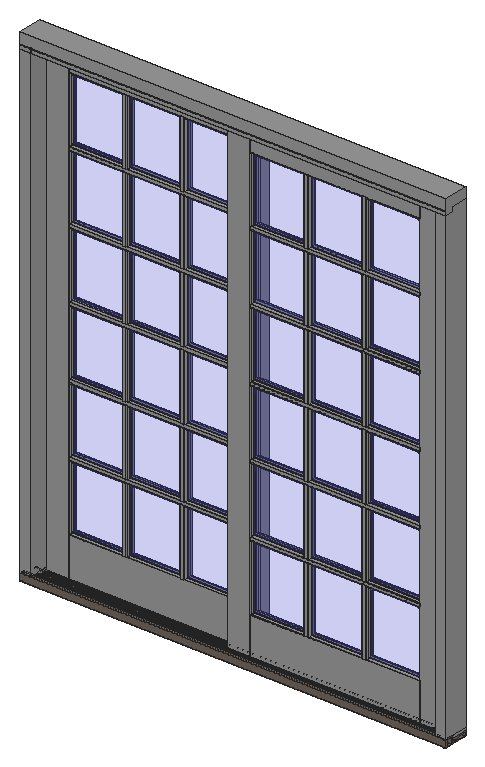
Revit family "VSDA1.8SP LH", category Doors, host Wall, Revit 2015 (continued)
Automatic sketch dimensions
  Extrusion 5 sketch curve to host wall = 32.5 mm
  Extrusion 5 sketch curve to Extrusion 5 sketch curve = 0 mm
  Extrusion 5 sketch curve to Extrusion 5 sketch curve = 7 mm
  Extrusion 5 sketch curve to Extrusion 5 sketch curve = 17 mm
  Extrusion 5 sketch curve to Extrusion 5 sketch curve = 3 mm  (x3)
  plane 5 to Extrusion 5 sketch curve = 43 mm
  Extrusion 5 sketch curve to Extrusion 5 sketch curve = 15.5 mm
  Extrusion 5 sketch curve to Extrusion 5 sketch curve = 3.5 mm
  Extrusion 6 sketch curve to plane 4 "Right" = 0 mm
  Extrusion 6 sketch curve to plane 3 "Left" = 0 mm
  Extrusion 6 sketch curve to plane 4 "Right" = 43 mm
  Extrusion 6 sketch curve to host wall = 19.5 mm  (x2)
  Extrusion 6 sketch curve to plane 4 "Right" = 45 mm
  plane 3 "Left" to Extrusion 6 sketch curve = 45 mm
  Extrusion 6 sketch curve to Extrusion 6 sketch curve = 2 mm
  host wall to Extrusion 6 sketch curve = 32.5 mm  (x2)
  Extrusion 6 sketch curve to Extrusion 6 sketch curve = 20 mm  (x2)
  host wall to Extrusion 7 sketch curve = 15.5 mm
  plane 4 "Right" to Extrusion 7 sketch curve = 45 mm
  Extrusion 7 sketch curve to Extrusion 7 sketch curve = 96 mm
  Extrusion 7 sketch curve to Extrusion 7 sketch curve = 0 mm  (x3)
  Extrusion 7 sketch curve to Extrusion 7 sketch curve = 0.473 mm  (x5)
  Extrusion 7 sketch curve to Extrusion 7 sketch curve = 6.527 mm  (x4)
  Extrusion 7 sketch curve to Extrusion 7 sketch curve = 2 mm  (x11)
  Extrusion 7 sketch curve to host wall = 4 mm  (x2)
  plane 2 "Center (Left/Right)" to Extrusion 7 sketch curve = 52.5 mm
  host wall to Extrusion 7 sketch curve = 7.5 mm
  Extrusion 7 sketch curve to Extrusion 7 sketch curve = 9 mm  (x2)
  Extrusion 7 sketch curve to plane 2 "Center (Left/Right)" = 43.5 mm
  Extrusion 7 sketch curve to host wall = 36 mm
  Extrusion 7 sketch curve to plane 3 "Left" = 150 mm
  Extrusion 7 sketch curve to plane 3 "Left" = 45 mm
  Extrusion 7 sketch curve to Extrusion 7 sketch curve = 30 mm
  Extrusion 7 sketch curve to Extrusion 7 sketch curve = 1.468 mm  (x4)
  Extrusion 7 sketch curve to host wall = 24.5 mm
  Extrusion 7 sketch curve to Extrusion 7 sketch curve = 6.5 mm
  host wall to Extrusion 7 sketch curve = 5.5 mm
  host wall to Extrusion 8 sketch curve = 15.5 mm  (x7)
  Extrusion 8 sketch curve to Extrusion 8 sketch curve = 2 mm  (x28)
  host wall to Extrusion 8 sketch curve = 7.5 mm  (x12)
  host wall to Extrusion 8 sketch curve = 6.697 mm  (x12)
  Extrusion 8 sketch curve to Extrusion 8 sketch curve = 1.197 mm  (x8)
  Extrusion 8 sketch curve to host wall = 24.5 mm  (x7)
  plane 5 to Extrusion 8 sketch curve = 45 mm
  Extrusion 8 sketch curve to Extrusion 8 sketch curve = 96 mm
  Extrusion 8 sketch curve to Extrusion 8 sketch curve = 0 mm  (x6)
  Extrusion 8 sketch curve to Extrusion 8 sketch curve = 0.241 mm  (x12)
  Extrusion 8 sketch curve to Extrusion 8 sketch curve = 266 mm  (x5)
  Extrusion 8 sketch curve to Extrusion 8 sketch curve = 6.759 mm  (x6)
  Extrusion 8 sketch curve to Extrusion 8 sketch curve = 13 mm  (x5)
  level to Extrusion 8 sketch curve = 199 mm
  level to Extrusion 8 sketch curve = 19 mm
  Extrusion 9 sketch curve to host wall = 31 mm  (x7)
  Extrusion 9 sketch curve to Extrusion 9 sketch curve = 2 mm  (x28)
  Extrusion 9 sketch curve to Extrusion 9 sketch curve = 6 mm  (x12)
  Extrusion 9 sketch curve to Extrusion 9 sketch curve = 0.803 mm  (x9)
  Extrusion 9 sketch curve to Extrusion 9 sketch curve = 6.803 mm  (x3)
  Extrusion 9 sketch curve to Extrusion 9 sketch curve = 1.197 mm  (x8)
  Extrusion 9 sketch curve to host wall = 4 mm  (x7)
  plane 5 to Extrusion 9 sketch curve = 45 mm
  Extrusion 9 sketch curve to Extrusion 9 sketch curve = 96 mm
  Extrusion 9 sketch curve to Extrusion 9 sketch curve = 0 mm  (x6)
  Extrusion 9 sketch curve to Extrusion 9 sketch curve = 0.241 mm  (x12)
  Extrusion 9 sketch curve to Extrusion 9 sketch curve = 266 mm  (x5)
  Extrusion 9 sketch curve to Extrusion 9 sketch curve = 6.759 mm  (x6)
  Extrusion 9 sketch curve to Extrusion 9 sketch curve = 13 mm  (x5)
  level to Extrusion 9 sketch curve = 199 mm
  level to Extrusion 9 sketch curve = 19 mm
  Sweep 10 sketch curve to Sweep 10 sketch curve = 233.167 mm
  Sweep 10 sketch curve to Sweep 10 sketch curve = 284 mm
  Sweep 10 sketch curve to profile plane = 0 mm
  Sweep 10 sketch curve to profile plane = 0.241 mm
  Sweep 10 sketch curve to Sweep 10 sketch curve = 6.759 mm
  Sweep 10 sketch curve to Sweep 10 sketch curve = 2 mm  (x2)
  Sweep 10 sketch curve to profile plane = 132.5 mm
  Sweep 10 sketch curve to Sweep 10 sketch curve = 6 mm
  Extrusion 11 sketch curve to plane 2 "Center (Left/Right)" = 43.5 mm  (x2)
  Extrusion 11 sketch curve to Extrusion 11 sketch curve = 0 mm  (x29)
  Extrusion 11 sketch curve to Extrusion 11 sketch curve = 233.167 mm  (x6)
  Extrusion 11 sketch curve to Extrusion 11 sketch curve = 13 mm  (x18)
  Extrusion 11 sketch curve to plane 3 "Left" = 141.01 mm  (x3)
  plane 5 to Extrusion 11 sketch curve = 141 mm
  plane 5 to Extrusion 11 sketch curve = 141.012 mm
  Extrusion 11 sketch curve to Extrusion 11 sketch curve = 284 mm  (x5)
  Extrusion 11 sketch curve to Extrusion 11 sketch curve = 13.012 mm  (x4)
  Extrusion 11 sketch curve to Extrusion 11 sketch curve = 0.012 mm
  level to Extrusion 11 sketch curve = 190 mm  (x2)
  host wall to Extrusion 12 sketch curve = 34 mm  (x2)
  plane 2 "Center (Left/Right)" to Extrusion 12 sketch curve = 267.667 mm
  Extrusion 12 sketch curve to Extrusion 12 sketch curve = 2 mm  (x9)
  Extrusion 12 sketch curve to Extrusion 12 sketch curve = 6.759 mm  (x4)
  Extrusion 12 sketch curve to Extrusion 12 sketch curve = 0.241 mm  (x6)
  host wall to Extrusion 12 sketch curve = 4 mm  (x2)
  Extrusion 12 sketch curve to Extrusion 12 sketch curve = 13 mm  (x3)
  Extrusion 12 sketch curve to Extrusion 12 sketch curve = 215.167 mm
  Extrusion 12 sketch curve to Extrusion 12 sketch curve = 0 mm  (x2)
  Extrusion 12 sketch curve to Extrusion 12 sketch curve = 1.197 mm  (x5)
  Extrusion 12 sketch curve to Extrusion 12 sketch curve = 0.803 mm
  Extrusion 13 sketch curve to host wall = 34 mm  (x2)
  Extrusion 13 sketch curve to plane 2 "Center (Left/Right)" = 267.667 mm
  Extrusion 13 sketch curve to Extrusion 13 sketch curve = 2 mm  (x10)
  Extrusion 13 sketch curve to Extrusion 13 sketch curve = 6.759 mm  (x4)
  Extrusion 13 sketch curve to Extrusion 13 sketch curve = 0.241 mm  (x6)
  Extrusion 13 sketch curve to host wall = 4 mm  (x2)
  Extrusion 13 sketch curve to Extrusion 13 sketch curve = 13 mm  (x3)
  Extrusion 13 sketch curve to Extrusion 13 sketch curve = 215.167 mm
  Extrusion 13 sketch curve to Extrusion 13 sketch curve = 0 mm  (x3)
  Extrusion 13 sketch curve to Extrusion 13 sketch curve = 1.197 mm  (x4)
  Extrusion 14 sketch curve to host wall = 34 mm  (x2)
  Extrusion 14 sketch curve to plane 2 "Center (Left/Right)" = 267.667 mm
  Extrusion 14 sketch curve to Extrusion 14 sketch curve = 2 mm  (x10)
  Extrusion 14 sketch curve to Extrusion 14 sketch curve = 6.759 mm  (x4)
  Extrusion 14 sketch curve to Extrusion 14 sketch curve = 0.241 mm  (x6)
  Extrusion 14 sketch curve to host wall = 4 mm  (x2)
  Extrusion 14 sketch curve to Extrusion 14 sketch curve = 13 mm  (x3)
  Extrusion 14 sketch curve to Extrusion 14 sketch curve = 215.167 mm
  Extrusion 14 sketch curve to Extrusion 14 sketch curve = 0 mm  (x3)
  Extrusion 14 sketch curve to Extrusion 14 sketch curve = 1.197 mm  (x4)
  Extrusion 15 sketch curve to host wall = 34 mm  (x2)
  Extrusion 15 sketch curve to plane 2 "Center (Left/Right)" = 267.667 mm
  Extrusion 15 sketch curve to Extrusion 15 sketch curve = 2 mm  (x10)
  Extrusion 15 sketch curve to Extrusion 15 sketch curve = 6.759 mm  (x4)
  Extrusion 15 sketch curve to Extrusion 15 sketch curve = 0.241 mm  (x6)
  Extrusion 15 sketch curve to host wall = 4 mm  (x2)
  Extrusion 15 sketch curve to Extrusion 15 sketch curve = 13 mm  (x3)
  Extrusion 15 sketch curve to Extrusion 15 sketch curve = 215.167 mm
  Extrusion 15 sketch curve to Extrusion 15 sketch curve = 0 mm  (x3)
  Extrusion 15 sketch curve to Extrusion 15 sketch curve = 1.197 mm  (x4)
  Extrusion 16 sketch curve to host wall = 34 mm  (x2)
  Extrusion 16 sketch curve to plane 2 "Center (Left/Right)" = 267.667 mm
  Extrusion 16 sketch curve to Extrusion 16 sketch curve = 2 mm  (x10)
  Extrusion 16 sketch curve to Extrusion 16 sketch curve = 6.759 mm  (x4)
  Extrusion 16 sketch curve to Extrusion 16 sketch curve = 0.241 mm  (x6)
  Extrusion 16 sketch curve to host wall = 4 mm  (x2)
  Extrusion 16 sketch curve to Extrusion 16 sketch curve = 13 mm  (x3)
  Extrusion 16 sketch curve to Extrusion 16 sketch curve = 215.167 mm
  Extrusion 16 sketch curve to Extrusion 16 sketch curve = 0 mm  (x3)
  Extrusion 16 sketch curve to Extrusion 16 sketch curve = 1.197 mm  (x4)
  Extrusion 17 sketch curve to host wall = 34 mm  (x2)
  Extrusion 17 sketch curve to plane 2 "Center (Left/Right)" = 267.667 mm
  Extrusion 17 sketch curve to Extrusion 17 sketch curve = 2 mm  (x10)
  Extrusion 17 sketch curve to Extrusion 17 sketch curve = 6.759 mm  (x4)
  Extrusion 17 sketch curve to Extrusion 17 sketch curve = 0.241 mm  (x6)
  Extrusion 17 sketch curve to host wall = 4 mm  (x2)
  Extrusion 17 sketch curve to Extrusion 17 sketch curve = 13 mm  (x3)
  Extrusion 17 sketch curve to Extrusion 17 sketch curve = 215.167 mm
  Extrusion 17 sketch curve to Extrusion 17 sketch curve = 0 mm  (x3)
  Extrusion 17 sketch curve to Extrusion 17 sketch curve = 1.197 mm  (x4)
  Sweep 18 sketch curve to plane 2 "Center (Left/Right)" = 289.667 mm
  Sweep 18 sketch curve to Sweep 18 sketch curve = 233.167 mm
  plane 5 to Sweep 18 sketch curve = 141 mm
  Sweep 18 sketch curve to Sweep 18 sketch curve = 284 mm
  Sweep 18 sketch curve to profile plane = 0 mm
  Sweep 18 sketch curve to profile plane = 0.241 mm
  Sweep 18 sketch curve to Sweep 18 sketch curve = 6.759 mm
  Sweep 18 sketch curve to Sweep 18 sketch curve = 2 mm  (x2)
  Sweep 18 sketch curve to profile plane = 132.5 mm
  Sweep 18 sketch curve to Sweep 18 sketch curve = 6 mm
  Sweep 19 sketch curve to plane 2 "Center (Left/Right)" = 43.5 mm
  Sweep 19 sketch curve to Sweep 19 sketch curve = 233.167 mm
  plane 5 to Sweep 19 sketch curve = 141 mm
  Sweep 19 sketch curve to Sweep 19 sketch curve = 284 mm
  Sweep 19 sketch curve to profile plane = 0 mm
  Sweep 19 sketch curve to profile plane = 0.241 mm
  Sweep 19 sketch curve to Sweep 19 sketch curve = 6.759 mm
  Sweep 19 sketch curve to Sweep 19 sketch curve = 2 mm  (x2)
  Sweep 19 sketch curve to profile plane = 132.5 mm
  Sweep 19 sketch curve to Sweep 19 sketch curve = 6 mm
  Sweep 20 sketch curve to plane 3 "Left" = 374.167 mm
  Sweep 20 sketch curve to plane 3 "Left" = 141 mm
  plane 5 to Sweep 20 sketch curve = 438 mm
  Sweep 20 sketch curve to Sweep 20 sketch curve = 284 mm
  Sweep 20 sketch curve to profile plane = 0 mm
  Sweep 20 sketch curve to profile plane = 0.241 mm
  Sweep 20 sketch curve to Sweep 20 sketch curve = 6.759 mm
  Sweep 20 sketch curve to Sweep 20 sketch curve = 2 mm  (x2)
  Sweep 20 sketch curve to profile plane = 132.5 mm
  Sweep 20 sketch curve to Sweep 20 sketch curve = 6 mm
  Sweep 21 sketch curve to plane 2 "Center (Left/Right)" = 289.667 mm
  Sweep 21 sketch curve to Sweep 21 sketch curve = 233.167 mm
  plane 5 to Sweep 21 sketch curve = 438 mm
  Sweep 21 sketch curve to Sweep 21 sketch curve = 284 mm
  Sweep 21 sketch curve to profile plane = 0 mm
  Sweep 21 sketch curve to profile plane = 0.241 mm
  Sweep 21 sketch curve to Sweep 21 sketch curve = 6.759 mm
  Sweep 21 sketch curve to Sweep 21 sketch curve = 2 mm  (x2)
  Sweep 21 sketch curve to profile plane = 132.5 mm
  Sweep 21 sketch curve to Sweep 21 sketch curve = 6 mm
  Sweep 22 sketch curve to plane 2 "Center (Left/Right)" = 43.5 mm
  Sweep 22 sketch curve to Sweep 22 sketch curve = 233.167 mm
  plane 5 to Sweep 22 sketch curve = 438 mm
  Sweep 22 sketch curve to Sweep 22 sketch curve = 284 mm
  Sweep 22 sketch curve to profile plane = 0 mm
  Sweep 22 sketch curve to profile plane = 0.241 mm
  Sweep 22 sketch curve to Sweep 22 sketch curve = 6.759 mm
  Sweep 22 sketch curve to Sweep 22 sketch curve = 2 mm  (x2)
  Sweep 22 sketch curve to profile plane = 132.5 mm
  Sweep 22 sketch curve to Sweep 22 sketch curve = 6 mm
  Sweep 23 sketch curve to plane 3 "Left" = 374.167 mm
  Sweep 23 sketch curve to plane 3 "Left" = 141 mm
  plane 5 to Sweep 23 sketch curve = 735 mm
  Sweep 23 sketch curve to Sweep 23 sketch curve = 284 mm
  Sweep 23 sketch curve to profile plane = 0 mm
  Sweep 23 sketch curve to profile plane = 0.241 mm
  Sweep 23 sketch curve to Sweep 23 sketch curve = 6.759 mm
  Sweep 23 sketch curve to Sweep 23 sketch curve = 2 mm  (x2)
  Sweep 23 sketch curve to profile plane = 132.5 mm
  Sweep 23 sketch curve to Sweep 23 sketch curve = 6 mm
  Sweep 24 sketch curve to plane 2 "Center (Left/Right)" = 289.667 mm
  Sweep 24 sketch curve to Sweep 24 sketch curve = 233.167 mm
  plane 5 to Sweep 24 sketch curve = 735 mm
  Sweep 24 sketch curve to Sweep 24 sketch curve = 284 mm
  Sweep 24 sketch curve to profile plane = 0 mm
  Sweep 24 sketch curve to profile plane = 0.241 mm
  Sweep 24 sketch curve to Sweep 24 sketch curve = 6.759 mm
  Sweep 24 sketch curve to Sweep 24 sketch curve = 2 mm  (x2)
  Sweep 24 sketch curve to profile plane = 132.5 mm
  Sweep 24 sketch curve to Sweep 24 sketch curve = 6 mm
  Sweep 25 sketch curve to plane 2 "Center (Left/Right)" = 43.5 mm
  Sweep 25 sketch curve to Sweep 25 sketch curve = 233.167 mm
  plane 5 to Sweep 25 sketch curve = 735 mm
  Sweep 25 sketch curve to Sweep 25 sketch curve = 284 mm
  Sweep 25 sketch curve to profile plane = 0 mm
  Sweep 25 sketch curve to profile plane = 0.241 mm
  Sweep 25 sketch curve to Sweep 25 sketch curve = 6.759 mm
  Sweep 25 sketch curve to Sweep 25 sketch curve = 2 mm  (x2)
  Sweep 25 sketch curve to profile plane = 132.5 mm
  Sweep 25 sketch curve to Sweep 25 sketch curve = 6 mm
  Sweep 26 sketch curve to plane 3 "Left" = 374.167 mm
  Sweep 26 sketch curve to plane 3 "Left" = 141 mm
  plane 5 to Sweep 26 sketch curve = 1032 mm
  Sweep 26 sketch curve to Sweep 26 sketch curve = 284 mm
  Sweep 26 sketch curve to profile plane = 0 mm
  Sweep 26 sketch curve to profile plane = 0.241 mm
  Sweep 26 sketch curve to Sweep 26 sketch curve = 6.759 mm
  Sweep 26 sketch curve to Sweep 26 sketch curve = 2 mm  (x2)
  Sweep 26 sketch curve to profile plane = 132.5 mm
  Sweep 26 sketch curve to Sweep 26 sketch curve = 6 mm
  Sweep 27 sketch curve to plane 2 "Center (Left/Right)" = 289.667 mm
  Sweep 27 sketch curve to Sweep 27 sketch curve = 233.167 mm
  plane 5 to Sweep 27 sketch curve = 1032 mm
  Sweep 27 sketch curve to Sweep 27 sketch curve = 284 mm
  Sweep 27 sketch curve to profile plane = 0 mm
  Sweep 27 sketch curve to profile plane = 0.241 mm
  Sweep 27 sketch curve to Sweep 27 sketch curve = 6.759 mm
  Sweep 27 sketch curve to Sweep 27 sketch curve = 2 mm  (x2)
  Sweep 27 sketch curve to profile plane = 132.5 mm
  Sweep 27 sketch curve to Sweep 27 sketch curve = 6 mm
  Sweep 28 sketch curve to plane 2 "Center (Left/Right)" = 43.5 mm
  Sweep 28 sketch curve to Sweep 28 sketch curve = 233.167 mm
  plane 5 to Sweep 28 sketch curve = 1032 mm
  Sweep 28 sketch curve to Sweep 28 sketch curve = 284 mm
  Sweep 28 sketch curve to profile plane = 0 mm
  Sweep 28 sketch curve to profile plane = 0.241 mm
  Sweep 28 sketch curve to Sweep 28 sketch curve = 6.759 mm
  Sweep 28 sketch curve to Sweep 28 sketch curve = 2 mm  (x2)
  Sweep 28 sketch curve to profile plane = 132.5 mm
  Sweep 28 sketch curve to Sweep 28 sketch curve = 6 mm
  Sweep 29 sketch curve to plane 3 "Left" = 374.167 mm
  Sweep 29 sketch curve to plane 3 "Left" = 141 mm
  level to Sweep 29 sketch curve = 771 mm
  Sweep 29 sketch curve to Sweep 29 sketch curve = 284 mm
  Sweep 29 sketch curve to profile plane = 0 mm
  Sweep 29 sketch curve to profile plane = 0.241 mm
  Sweep 29 sketch curve to Sweep 29 sketch curve = 6.759 mm
  Sweep 29 sketch curve to Sweep 29 sketch curve = 2 mm  (x2)
  Sweep 29 sketch curve to profile plane = 132.5 mm
  Sweep 29 sketch curve to Sweep 29 sketch curve = 6 mm
  Sweep 30 sketch curve to plane 2 "Center (Left/Right)" = 289.667 mm
  Sweep 30 sketch curve to Sweep 30 sketch curve = 233.167 mm
  level to Sweep 30 sketch curve = 771 mm
  Sweep 30 sketch curve to Sweep 30 sketch curve = 284 mm
  Sweep 30 sketch curve to profile plane = 0 mm
  Sweep 30 sketch curve to profile plane = 0.241 mm
  Sweep 30 sketch curve to Sweep 30 sketch curve = 6.759 mm
  Sweep 30 sketch curve to Sweep 30 sketch curve = 2 mm  (x2)
  Sweep 30 sketch curve to profile plane = 132.5 mm
  Sweep 30 sketch curve to Sweep 30 sketch curve = 6 mm
  Sweep 31 sketch curve to plane 2 "Center (Left/Right)" = 43.5 mm
  Sweep 31 sketch curve to Sweep 31 sketch curve = 233.167 mm
  level to Sweep 31 sketch curve = 771 mm
  Sweep 31 sketch curve to Sweep 31 sketch curve = 284 mm
  Sweep 31 sketch curve to profile plane = 0 mm
  Sweep 31 sketch curve to profile plane = 0.241 mm
  Sweep 31 sketch curve to Sweep 31 sketch curve = 6.759 mm
  Sweep 31 sketch curve to Sweep 31 sketch curve = 2 mm  (x2)
  Sweep 31 sketch curve to profile plane = 132.5 mm
  Sweep 31 sketch curve to Sweep 31 sketch curve = 6 mm
  Sweep 32 sketch curve to plane 3 "Left" = 374.167 mm
  Sweep 32 sketch curve to plane 3 "Left" = 141 mm
  level to Sweep 32 sketch curve = 474 mm
  level to Sweep 32 sketch curve = 190 mm
  Sweep 32 sketch curve to profile plane = 0 mm
  Sweep 32 sketch curve to profile plane = 0.241 mm
  Sweep 32 sketch curve to Sweep 32 sketch curve = 6.759 mm
  Sweep 32 sketch curve to Sweep 32 sketch curve = 2 mm  (x2)
  Sweep 32 sketch curve to profile plane = 132.5 mm
  Sweep 32 sketch curve to Sweep 32 sketch curve = 6 mm
  Sweep 33 sketch curve to plane 2 "Center (Left/Right)" = 289.667 mm
  Sweep 33 sketch curve to Sweep 33 sketch curve = 233.167 mm
  level to Sweep 33 sketch curve = 474 mm
  level to Sweep 33 sketch curve = 190 mm
  Sweep 33 sketch curve to profile plane = 0 mm
  Sweep 33 sketch curve to profile plane = 0.241 mm
  Sweep 33 sketch curve to Sweep 33 sketch curve = 6.759 mm
  Sweep 33 sketch curve to Sweep 33 sketch curve = 2 mm  (x2)
  Sweep 33 sketch curve to profile plane = 132.5 mm
  Sweep 33 sketch curve to Sweep 33 sketch curve = 6 mm
  Sweep 34 sketch curve to plane 2 "Center (Left/Right)" = 43.5 mm
  Sweep 34 sketch curve to Sweep 34 sketch curve = 233.167 mm
  level to Sweep 34 sketch curve = 474 mm
  level to Sweep 34 sketch curve = 190 mm
  Sweep 34 sketch curve to profile plane = 0 mm
  Sweep 34 sketch curve to profile plane = 0.241 mm
  Sweep 34 sketch curve to Sweep 34 sketch curve = 6.759 mm
  Sweep 34 sketch curve to Sweep 34 sketch curve = 2 mm  (x2)
  Sweep 34 sketch curve to profile plane = 132.5 mm
  Sweep 34 sketch curve to Sweep 34 sketch curve = 6 mm
  plane 2 "Center (Left/Right)" to Sweep 35 sketch curve = 276.667 mm
  plane 2 "Center (Left/Right)" to Sweep 35 sketch curve = 43.5 mm
  plane 5 to Sweep 35 sketch curve = 141 mm
  Sweep 35 sketch curve to Sweep 35 sketch curve = 284 mm
  Sweep 35 sketch curve to profile plane = 0 mm
  Sweep 35 sketch curve to profile plane = 0.241 mm
  Sweep 35 sketch curve to Sweep 35 sketch curve = 6.759 mm
  Sweep 35 sketch curve to Sweep 35 sketch curve = 2 mm  (x2)
  Sweep 35 sketch curve to profile plane = 132.5 mm
  Sweep 35 sketch curve to Sweep 35 sketch curve = 6 mm
  plane 4 "Right" to Extrusion 36 sketch curve = 141 mm  (x2)
  Extrusion 36 sketch curve to Extrusion 36 sketch curve = 0 mm  (x29)
  Extrusion 36 sketch curve to Extrusion 36 sketch curve = 233.167 mm  (x6)
  Extrusion 36 sketch curve to Extrusion 36 sketch curve = 13 mm  (x18)
  plane 2 "Center (Left/Right)" to Extrusion 36 sketch curve = 43.51 mm  (x3)
  plane 5 to Extrusion 36 sketch curve = 141 mm
  plane 5 to Extrusion 36 sketch curve = 141.012 mm
  Extrusion 36 sketch curve to Extrusion 36 sketch curve = 284 mm  (x5)
  Extrusion 36 sketch curve to Extrusion 36 sketch curve = 13.012 mm  (x4)
  Extrusion 36 sketch curve to Extrusion 36 sketch curve = 0.012 mm
  level to Extrusion 36 sketch curve = 190 mm  (x2)
  host wall to Extrusion 37 sketch curve = 5.5 mm  (x4)
  plane 4 "Right" to Extrusion 37 sketch curve = 365.167 mm
  Extrusion 37 sketch curve to Extrusion 37 sketch curve = 2 mm  (x10)
  Extrusion 37 sketch curve to Extrusion 37 sketch curve = 6.759 mm  (x4)
  Extrusion 37 sketch curve to Extrusion 37 sketch curve = 0.241 mm  (x6)
  Extrusion 37 sketch curve to Extrusion 37 sketch curve = 13 mm  (x3)
  Extrusion 37 sketch curve to Extrusion 37 sketch curve = 215.167 mm
  Extrusion 37 sketch curve to Extrusion 37 sketch curve = 0 mm
  Extrusion 37 sketch curve to host wall = 24.5 mm  (x2)
  Extrusion 37 sketch curve to Extrusion 37 sketch curve = 1.197 mm  (x4)
  host wall to Extrusion 38 sketch curve = 5.5 mm  (x4)
  plane 4 "Right" to Extrusion 38 sketch curve = 365.167 mm
  Extrusion 38 sketch curve to Extrusion 38 sketch curve = 2 mm  (x10)
  Extrusion 38 sketch curve to Extrusion 38 sketch curve = 6.759 mm  (x4)
  Extrusion 38 sketch curve to Extrusion 38 sketch curve = 0.241 mm  (x6)
  Extrusion 38 sketch curve to Extrusion 38 sketch curve = 13 mm  (x3)
  Extrusion 38 sketch curve to Extrusion 38 sketch curve = 215.167 mm
  Extrusion 38 sketch curve to Extrusion 38 sketch curve = 0 mm
  Extrusion 38 sketch curve to host wall = 24.5 mm  (x2)
  Extrusion 38 sketch curve to Extrusion 38 sketch curve = 1.197 mm  (x4)
  host wall to Extrusion 39 sketch curve = 5.5 mm  (x4)
  plane 4 "Right" to Extrusion 39 sketch curve = 365.167 mm
  Extrusion 39 sketch curve to Extrusion 39 sketch curve = 2 mm  (x10)
  Extrusion 39 sketch curve to Extrusion 39 sketch curve = 6.759 mm  (x4)
  Extrusion 39 sketch curve to Extrusion 39 sketch curve = 0.241 mm  (x6)
  Extrusion 39 sketch curve to Extrusion 39 sketch curve = 13 mm  (x3)
  Extrusion 39 sketch curve to Extrusion 39 sketch curve = 215.167 mm
  Extrusion 39 sketch curve to Extrusion 39 sketch curve = 0 mm
  Extrusion 39 sketch curve to host wall = 24.5 mm  (x2)
  Extrusion 39 sketch curve to Extrusion 39 sketch curve = 1.197 mm  (x4)
  host wall to Extrusion 40 sketch curve = 5.5 mm  (x4)
  plane 4 "Right" to Extrusion 40 sketch curve = 365.167 mm
  Extrusion 40 sketch curve to Extrusion 40 sketch curve = 2 mm  (x10)
  Extrusion 40 sketch curve to Extrusion 40 sketch curve = 6.759 mm  (x4)
  Extrusion 40 sketch curve to Extrusion 40 sketch curve = 0.241 mm  (x6)
  Extrusion 40 sketch curve to Extrusion 40 sketch curve = 13 mm  (x3)
  Extrusion 40 sketch curve to Extrusion 40 sketch curve = 215.167 mm
  Extrusion 40 sketch curve to Extrusion 40 sketch curve = 0 mm
  Extrusion 40 sketch curve to host wall = 24.5 mm  (x2)
  Extrusion 40 sketch curve to Extrusion 40 sketch curve = 1.197 mm  (x4)
  host wall to Extrusion 41 sketch curve = 5.5 mm  (x4)
  plane 4 "Right" to Extrusion 41 sketch curve = 365.167 mm
  Extrusion 41 sketch curve to Extrusion 41 sketch curve = 2 mm  (x10)
  Extrusion 41 sketch curve to Extrusion 41 sketch curve = 6.759 mm  (x4)
  Extrusion 41 sketch curve to Extrusion 41 sketch curve = 0.241 mm  (x6)
  Extrusion 41 sketch curve to Extrusion 41 sketch curve = 13 mm  (x3)
  Extrusion 41 sketch curve to Extrusion 41 sketch curve = 215.167 mm
  Extrusion 41 sketch curve to Extrusion 41 sketch curve = 0 mm
  Extrusion 41 sketch curve to host wall = 24.5 mm  (x2)
  Extrusion 41 sketch curve to Extrusion 41 sketch curve = 1.197 mm  (x4)
  host wall to Extrusion 42 sketch curve = 5.5 mm  (x4)
  plane 4 "Right" to Extrusion 42 sketch curve = 365.167 mm
  Extrusion 42 sketch curve to Extrusion 42 sketch curve = 2 mm  (x10)
  Extrusion 42 sketch curve to Extrusion 42 sketch curve = 6.759 mm  (x4)
  Extrusion 42 sketch curve to Extrusion 42 sketch curve = 0.241 mm  (x6)
  Extrusion 42 sketch curve to Extrusion 42 sketch curve = 13 mm  (x3)
  Extrusion 42 sketch curve to Extrusion 42 sketch curve = 215.167 mm
  Extrusion 42 sketch curve to Extrusion 42 sketch curve = 0 mm
  Extrusion 42 sketch curve to host wall = 24.5 mm  (x2)
  Extrusion 42 sketch curve to Extrusion 42 sketch curve = 1.197 mm  (x4)
  plane 4 "Right" to Sweep 43 sketch curve = 387.167 mm
  Sweep 43 sketch curve to Sweep 43 sketch curve = 233.167 mm
  plane 5 to Sweep 43 sketch curve = 141 mm
  Sweep 43 sketch curve to Sweep 43 sketch curve = 284 mm
  Sweep 43 sketch curve to profile plane = 0 mm
  Sweep 43 sketch curve to profile plane = 0.241 mm
  Sweep 43 sketch curve to Sweep 43 sketch curve = 6.759 mm
  Sweep 43 sketch curve to Sweep 43 sketch curve = 2 mm  (x2)
  Sweep 43 sketch curve to profile plane = 132.5 mm
  Sweep 43 sketch curve to Sweep 43 sketch curve = 6 mm
  plane 4 "Right" to Sweep 44 sketch curve = 141 mm
  Sweep 44 sketch curve to Sweep 44 sketch curve = 233.167 mm
  plane 5 to Sweep 44 sketch curve = 141 mm
  Sweep 44 sketch curve to Sweep 44 sketch curve = 284 mm
  Sweep 44 sketch curve to profile plane = 0 mm
  Sweep 44 sketch curve to profile plane = 0.241 mm
  Sweep 44 sketch curve to Sweep 44 sketch curve = 6.759 mm
  Sweep 44 sketch curve to Sweep 44 sketch curve = 2 mm  (x2)
  Sweep 44 sketch curve to profile plane = 132.5 mm
  Sweep 44 sketch curve to Sweep 44 sketch curve = 6 mm
  plane 2 "Center (Left/Right)" to Sweep 45 sketch curve = 276.667 mm
  plane 2 "Center (Left/Right)" to Sweep 45 sketch curve = 43.5 mm
  plane 5 to Sweep 45 sketch curve = 438 mm
  Sweep 45 sketch curve to Sweep 45 sketch curve = 284 mm
  Sweep 45 sketch curve to profile plane = 0 mm
  Sweep 45 sketch curve to profile plane = 0.241 mm
  Sweep 45 sketch curve to Sweep 45 sketch curve = 6.759 mm
  Sweep 45 sketch curve to Sweep 45 sketch curve = 2 mm  (x2)
  Sweep 45 sketch curve to profile plane = 132.5 mm
  Sweep 45 sketch curve to Sweep 45 sketch curve = 6 mm
  plane 4 "Right" to Sweep 46 sketch curve = 387.167 mm
  Sweep 46 sketch curve to Sweep 46 sketch curve = 233.167 mm
  plane 5 to Sweep 46 sketch curve = 438 mm
  Sweep 46 sketch curve to Sweep 46 sketch curve = 284 mm
  Sweep 46 sketch curve to profile plane = 0 mm
  Sweep 46 sketch curve to profile plane = 0.241 mm
  Sweep 46 sketch curve to Sweep 46 sketch curve = 6.759 mm
  Sweep 46 sketch curve to Sweep 46 sketch curve = 2 mm  (x2)
  Sweep 46 sketch curve to profile plane = 132.5 mm
  Sweep 46 sketch curve to Sweep 46 sketch curve = 6 mm
  plane 4 "Right" to Sweep 47 sketch curve = 141 mm
  Sweep 47 sketch curve to Sweep 47 sketch curve = 233.167 mm
  plane 5 to Sweep 47 sketch curve = 438 mm
  Sweep 47 sketch curve to Sweep 47 sketch curve = 284 mm
  Sweep 47 sketch curve to profile plane = 0 mm
  Sweep 47 sketch curve to profile plane = 0.241 mm
  Sweep 47 sketch curve to Sweep 47 sketch curve = 6.759 mm
  Sweep 47 sketch curve to Sweep 47 sketch curve = 2 mm  (x2)
  Sweep 47 sketch curve to profile plane = 132.5 mm
  Sweep 47 sketch curve to Sweep 47 sketch curve = 6 mm
  plane 2 "Center (Left/Right)" to Sweep 48 sketch curve = 276.667 mm
  plane 2 "Center (Left/Right)" to Sweep 48 sketch curve = 43.5 mm
  plane 5 to Sweep 48 sketch curve = 735 mm
  Sweep 48 sketch curve to Sweep 48 sketch curve = 284 mm
  Sweep 48 sketch curve to profile plane = 0 mm
  Sweep 48 sketch curve to profile plane = 0.241 mm
  Sweep 48 sketch curve to Sweep 48 sketch curve = 6.759 mm
  Sweep 48 sketch curve to Sweep 48 sketch curve = 2 mm  (x2)
  Sweep 48 sketch curve to profile plane = 132.5 mm
  Sweep 48 sketch curve to Sweep 48 sketch curve = 6 mm
  plane 4 "Right" to Sweep 49 sketch curve = 387.167 mm
  Sweep 49 sketch curve to Sweep 49 sketch curve = 233.167 mm
  plane 5 to Sweep 49 sketch curve = 735 mm
  Sweep 49 sketch curve to Sweep 49 sketch curve = 284 mm
  Sweep 49 sketch curve to profile plane = 0 mm
  Sweep 49 sketch curve to profile plane = 0.241 mm
  Sweep 49 sketch curve to Sweep 49 sketch curve = 6.759 mm
  Sweep 49 sketch curve to Sweep 49 sketch curve = 2 mm  (x2)
  Sweep 49 sketch curve to profile plane = 132.5 mm
  Sweep 49 sketch curve to Sweep 49 sketch curve = 6 mm
  plane 4 "Right" to Sweep 50 sketch curve = 141 mm
  Sweep 50 sketch curve to Sweep 50 sketch curve = 233.167 mm
  plane 5 to Sweep 50 sketch curve = 735 mm
  Sweep 50 sketch curve to Sweep 50 sketch curve = 284 mm
  Sweep 50 sketch curve to profile plane = 0 mm
  Sweep 50 sketch curve to profile plane = 0.241 mm
  Sweep 50 sketch curve to Sweep 50 sketch curve = 6.759 mm
  Sweep 50 sketch curve to Sweep 50 sketch curve = 2 mm  (x2)
  Sweep 50 sketch curve to profile plane = 132.5 mm
  Sweep 50 sketch curve to Sweep 50 sketch curve = 6 mm
  plane 2 "Center (Left/Right)" to Sweep 51 sketch curve = 276.667 mm
  plane 2 "Center (Left/Right)" to Sweep 51 sketch curve = 43.5 mm
  plane 5 to Sweep 51 sketch curve = 1032 mm
  Sweep 51 sketch curve to Sweep 51 sketch curve = 284 mm
  Sweep 51 sketch curve to profile plane = 0 mm
  Sweep 51 sketch curve to profile plane = 0.241 mm
  Sweep 51 sketch curve to Sweep 51 sketch curve = 6.759 mm
  Sweep 51 sketch curve to Sweep 51 sketch curve = 2 mm  (x2)
  Sweep 51 sketch curve to profile plane = 132.5 mm
  Sweep 51 sketch curve to Sweep 51 sketch curve = 6 mm
  plane 4 "Right" to Sweep 52 sketch curve = 387.167 mm
  Sweep 52 sketch curve to Sweep 52 sketch curve = 233.167 mm
  plane 5 to Sweep 52 sketch curve = 1032 mm
  Sweep 52 sketch curve to Sweep 52 sketch curve = 284 mm
  Sweep 52 sketch curve to profile plane = 0 mm
  Sweep 52 sketch curve to profile plane = 0.241 mm
  Sweep 52 sketch curve to Sweep 52 sketch curve = 6.759 mm
  Sweep 52 sketch curve to Sweep 52 sketch curve = 2 mm  (x2)
  Sweep 52 sketch curve to profile plane = 132.5 mm
  Sweep 52 sketch curve to Sweep 52 sketch curve = 6 mm
  plane 4 "Right" to Sweep 53 sketch curve = 141 mm
  Sweep 53 sketch curve to Sweep 53 sketch curve = 233.167 mm
  plane 5 to Sweep 53 sketch curve = 1032 mm
  Sweep 53 sketch curve to Sweep 53 sketch curve = 284 mm
  Sweep 53 sketch curve to profile plane = 0 mm
  Sweep 53 sketch curve to profile plane = 0.241 mm
  Sweep 53 sketch curve to Sweep 53 sketch curve = 6.759 mm
  Sweep 53 sketch curve to Sweep 53 sketch curve = 2 mm  (x2)
  Sweep 53 sketch curve to profile plane = 132.5 mm
  Sweep 53 sketch curve to Sweep 53 sketch curve = 6 mm
  plane 2 "Center (Left/Right)" to Sweep 54 sketch curve = 276.667 mm
  plane 2 "Center (Left/Right)" to Sweep 54 sketch curve = 43.5 mm
  level to Sweep 54 sketch curve = 771 mm
  Sweep 54 sketch curve to Sweep 54 sketch curve = 284 mm
  Sweep 54 sketch curve to profile plane = 0 mm
  Sweep 54 sketch curve to profile plane = 0.241 mm
  Sweep 54 sketch curve to Sweep 54 sketch curve = 6.759 mm
  Sweep 54 sketch curve to Sweep 54 sketch curve = 2 mm  (x2)
  Sweep 54 sketch curve to profile plane = 132.5 mm
  Sweep 54 sketch curve to Sweep 54 sketch curve = 6 mm
  plane 4 "Right" to Sweep 55 sketch curve = 387.167 mm
  Sweep 55 sketch curve to Sweep 55 sketch curve = 233.167 mm
  level to Sweep 55 sketch curve = 771 mm
  Sweep 55 sketch curve to Sweep 55 sketch curve = 284 mm
  Sweep 55 sketch curve to profile plane = 0 mm
  Sweep 55 sketch curve to profile plane = 0.241 mm
  Sweep 55 sketch curve to Sweep 55 sketch curve = 6.759 mm
  Sweep 55 sketch curve to Sweep 55 sketch curve = 2 mm  (x2)
  Sweep 55 sketch curve to profile plane = 132.5 mm
  Sweep 55 sketch curve to Sweep 55 sketch curve = 6 mm
  plane 4 "Right" to Sweep 56 sketch curve = 141 mm
  Sweep 56 sketch curve to Sweep 56 sketch curve = 233.167 mm
  level to Sweep 56 sketch curve = 771 mm
  Sweep 56 sketch curve to Sweep 56 sketch curve = 284 mm
  Sweep 56 sketch curve to profile plane = 0 mm
  Sweep 56 sketch curve to profile plane = 0.241 mm
  Sweep 56 sketch curve to Sweep 56 sketch curve = 6.759 mm
  Sweep 56 sketch curve to Sweep 56 sketch curve = 2 mm  (x2)
  Sweep 56 sketch curve to profile plane = 132.5 mm
  Sweep 56 sketch curve to Sweep 56 sketch curve = 6 mm
  plane 2 "Center (Left/Right)" to Sweep 57 sketch curve = 276.667 mm
  plane 2 "Center (Left/Right)" to Sweep 57 sketch curve = 43.5 mm
  level to Sweep 57 sketch curve = 474 mm
  level to Sweep 57 sketch curve = 190 mm
  Sweep 57 sketch curve to profile plane = 0 mm
  Sweep 57 sketch curve to profile plane = 0.241 mm
  Sweep 57 sketch curve to Sweep 57 sketch curve = 6.759 mm
  Sweep 57 sketch curve to Sweep 57 sketch curve = 2 mm  (x2)
  Sweep 57 sketch curve to profile plane = 132.5 mm
  Sweep 57 sketch curve to Sweep 57 sketch curve = 6 mm
  level to Sweep 58 sketch curve = 190 mm
  plane 4 "Right" to Sweep 58 sketch curve = 387.167 mm
  Sweep 58 sketch curve to Sweep 58 sketch curve = 233.167 mm
  Sweep 58 sketch curve to Sweep 58 sketch curve = 284 mm
  Sweep 58 sketch curve to profile plane = 0 mm
  Sweep 58 sketch curve to profile plane = 0.241 mm
  Sweep 58 sketch curve to Sweep 58 sketch curve = 6.759 mm
  Sweep 58 sketch curve to Sweep 58 sketch curve = 2 mm  (x2)
  Sweep 58 sketch curve to profile plane = 132.5 mm
  Sweep 58 sketch curve to Sweep 58 sketch curve = 6 mm
  plane 4 "Right" to Sweep 59 sketch curve = 141 mm
  Sweep 59 sketch curve to Sweep 59 sketch curve = 233.167 mm
  level to Sweep 59 sketch curve = 474 mm
  level to Sweep 59 sketch curve = 190 mm
  Sweep 59 sketch curve to profile plane = 0 mm
  Sweep 59 sketch curve to profile plane = 0.241 mm
  Sweep 59 sketch curve to Sweep 59 sketch curve = 6.759 mm
  Sweep 59 sketch curve to Sweep 59 sketch curve = 2 mm  (x2)
  Sweep 59 sketch curve to profile plane = 132.5 mm
  Sweep 59 sketch curve to Sweep 59 sketch curve = 6 mm
